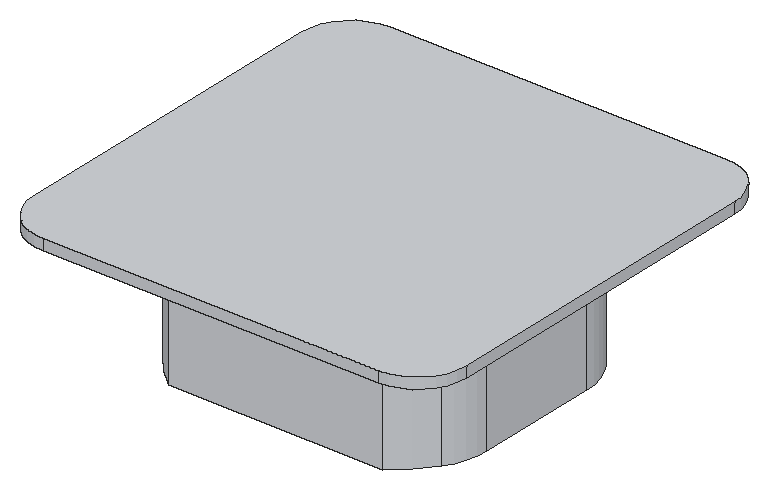
Revit family "Gira_245200", category Electrical Fixtures, host Face, Revit 2017
Family settings
  Host = Face
  Maintain Annotation Orientation = Yes
  Round Connector Dimension = Use Diameter
  Part Type = Normal
  Cut with Voids When Loaded = No
  Shared = No
  Room Calculation Point = No
Parameters (values of type "Netzwerk Cat.6_sub_A__sub_ 2f Einsatz")
  URL = "http://katalog.gira.de/de_DE/datenblatt.html?artikelnr=245200"
  Region = "DE"
  Name = "Netzwerk Cat.6{sub}A{/sub} 2f Einsatz"
  Manufacturer URL = "https://www.gira.de/"
  Keynote = "Einsatz_1fach"
  HeinzeBIM = "https://bimportal.heinze.de/bim/netzwerk-cat-6-sub-a-sub-2f-einsatz/bcd713eee07b95bd5649cf057978dd5359c4973f"
  HAN = "245200"
  GTIN = "4010337881797"
  Default Elevation = 1219.2 mm
  Data sheet (1) = "https://katalog.gira.de/de_DE/download.html?artikelnr=245200"
  Category = "Zubehör für Installationsschalterprogramme"
  Available = "Yes"
Reference planes
  plane 1 "Center (Front/Back)": y = 0
  plane 2: z = 0
  plane 3 "Center (Left/Right)": x = 0
Forms (mm)
  Extrusion 1, solid, detail levels fine
    sketch origin (0, 0, 0) x (1, 0, 0) y (0, 1, 0)
      loop
        line (27.475, 35.475) -> (-27.475, 35.475)
        arc (-27.475, 35.475) -> (-33.132, 33.132) -> (-35.475, 27.475) r 8
        line (-35.475, 27.475) -> (-35.475, -27.475)
        arc (-35.475, -27.475) -> (-33.132, -33.132) -> (-27.475, -35.475) r 8
        line (-27.475, -35.475) -> (27.475, -35.475)
        arc (27.475, -35.475) -> (33.132, -33.132) -> (35.475, -27.475) r 8
        line (35.475, -27.475) -> (35.475, 27.475)
        arc (35.475, 27.475) -> (33.132, 33.132) -> (27.475, 35.475) r 8
    from 0 to 1.8
  Extrusion 2, solid, detail levels fine
    sketch origin (0, 0, 0) x (1, 0, 0) y (0, 1, 0)
      loop
        line (9.678, 25.4) -> (-9.678, 25.4)
        arc (-9.678, 25.4) -> (-12.885, 24.922) -> (-15.814, 23.53) r 11
        arc (-15.814, 23.53) -> (-17.795, 22.07) -> (-19.641, 20.444) r 28.35
        arc (-19.641, 20.444) -> (-21.339, 18.665) -> (-22.876, 16.745) r 28.35
        arc (-22.876, 16.745) -> (-24.456, 13.666) -> (-25, 10.248) r 11
        line (-25, 10.248) -> (-25, -10.248)
        arc (-25, -10.248) -> (-24.456, -13.666) -> (-22.876, -16.745) r 11
        arc (-22.876, -16.745) -> (-20.409, -19.677) -> (-17.569, -22.25) r 28.35
        line (-17.569, -22.25) -> (17.569, -22.25)
        arc (17.569, -22.25) -> (20.409, -19.677) -> (22.876, -16.745) r 28.35
        arc (22.876, -16.745) -> (24.456, -13.666) -> (25, -10.248) r 11
        line (25, -10.248) -> (25, 10.248)
        arc (25, 10.248) -> (24.456, 13.666) -> (22.876, 16.745) r 11
        arc (22.876, 16.745) -> (21.593, 18.37) -> (20.195, 19.897) r 28.35
        arc (20.195, 19.897) -> (18.096, 21.823) -> (15.814, 23.53) r 28.35
        arc (15.814, 23.53) -> (12.885, 24.922) -> (9.678, 25.4) r 11
    from 0 to -22
  Extrusion 3, solid, detail levels medium
    sketch origin (0, 0, 0) x (1, 0, 0) y (0, 1, 0)
      loop
        line (-25, 25.4) -> (-25, -22.25) -> (25, -22.25) -> (25, 25.4) -> (-25, 25.4)
    from 0 to -22
  Extrusion 4, solid, detail levels coarse
    sketch origin (0, 0, 0) x (1, 0, 0) y (0, 1, 0)
      loop
        line (35.475, 35.475) -> (-35.475, 35.475) -> (-35.475, -35.475) -> (35.475, -35.475) -> (35.475, 35.475)
    from -22 to 1.8
  Extrusion 5, solid, detail levels medium
    sketch origin (0, 0, 0) x (1, 0, 0) y (0, 1, 0)
      loop
        line (35.475, 35.475) -> (-35.475, 35.475) -> (-35.475, -35.475) -> (35.475, -35.475) -> (35.475, 35.475)
    from 0 to 1.8
Dimensions and locks
  aligned and locked: plane 2 to host face
  aligned and locked: level to host face
  aligned and locked: plane 3 "Center (Left/Right)" to nested 1
  aligned and locked: plane 1 "Center (Front/Back)" to nested 1
Nested families
  nested 1: "RJ45-Datendose Beschriftung" at (0, 0, 0), type "RJ45-Datendose Beschriftung"
Connectors
  electrical at (0, 0, -22)
    settings: on Extrusion 4, index 1, voltage 220 V, apparent load 0 VA, apparent load phase1 0 VA, apparent load phase2 0 VA, apparent load phase3 0 VA, power factor 1, load classification "Other", number of poles 1, system type 30, power factor state 1, is connector primary yes, connector utility no, sub classification motor no, connector description ""
Definition of nested family "RJ45-Datendose Beschriftung"
  Reference planes
    plane 1: y = 0
    plane 2: x = 0
  Lines and regions (mm)
    Filled region 1, type "Gefüllter Bereich 1"
      outline origin (0, 0, 0) x (1, 0, 0) y (0, 1, 0)
        loop
          circle (0, 2.4) r 0.4
    detail lines
      curve 1: line (0, 0, 0) -> (0, 2, 0)
      curve 2: line (0, 2, 0) -> (1.2, 2, 0)
      curve 3: line (1.2, 2, 0) -> (1.2, 3.6, 0)
      curve 4: circle (0, 2.4, 0) r 0.4 normal (0, 0, 1)
      curve 5: line (0, 2, 0) -> (-1.2, 2, 0)
      curve 6: line (-1.2, 2, 0) -> (-1.2, 3.6, 0)
